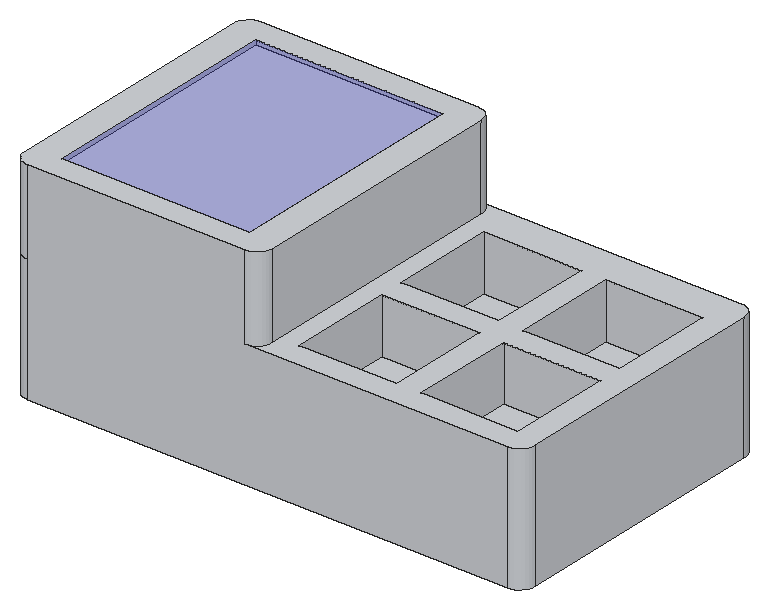
Revit family "Domotics-DomesticRanges-GEWISS-27COMBIDIN_SYSTEM-IP40_4M_8SY", category Apparecchi elettrici, host Superficie, Revit 2016 (continued)
Automatic sketch dimensions
  Filled region 10 sketch curve to Filled region 10 sketch curve = 1.667 mm
  plane 29 to Filled region 11 sketch curve = 0.893 mm
  Filled region 11 sketch curve to plane 29 = 4.107 mm
  Filled region 11 sketch curve to plane 11 = 65.592 mm
  Filled region 11 sketch curve to Filled region 11 sketch curve = 0.833 mm
  Filled region 11 sketch curve to Filled region 11 sketch curve = 1.667 mm
  Filled region 12 sketch curve to plane 24 = 6.065 mm
  Filled region 12 sketch curve to Filled region 12 sketch curve = 5 mm
  Filled region 12 sketch curve to plane 11 = 65.592 mm
  Filled region 12 sketch curve to Filled region 12 sketch curve = 0.833 mm
  Filled region 12 sketch curve to Filled region 12 sketch curve = 1.667 mm
  Filled region 13 sketch curve to plane 24 = 6.065 mm
  Filled region 13 sketch curve to Filled region 13 sketch curve = 5 mm
  Filled region 13 sketch curve to plane 11 = 49.035 mm
  Filled region 13 sketch curve to Filled region 13 sketch curve = 0.833 mm
  Filled region 13 sketch curve to Filled region 13 sketch curve = 1.667 mm
  Filled region 14 sketch curve to plane 27 = 12.935 mm
  Filled region 14 sketch curve to Filled region 14 sketch curve = 5 mm
  Filled region 14 sketch curve to plane 11 = 49.035 mm
  Filled region 14 sketch curve to Filled region 14 sketch curve = 0.833 mm
  Filled region 14 sketch curve to Filled region 14 sketch curve = 1.667 mm
  Filled region 15 sketch curve to plane 27 = 7.935 mm
  Filled region 15 sketch curve to plane 27 = 2.935 mm
  Filled region 15 sketch curve to plane 11 = 49.035 mm
  Filled region 15 sketch curve to Filled region 15 sketch curve = 0.833 mm
  Filled region 15 sketch curve to Filled region 15 sketch curve = 1.667 mm
  plane 29 to Filled region 16 sketch curve = 0.893 mm
  Filled region 16 sketch curve to plane 29 = 4.107 mm
  Filled region 16 sketch curve to plane 11 = 49.035 mm
  Filled region 16 sketch curve to Filled region 16 sketch curve = 0.833 mm
  Filled region 16 sketch curve to Filled region 16 sketch curve = 1.667 mm
  Filled region 17 sketch curve to plane 12 = 1.781 mm
  plane 29 to Filled region 17 sketch curve = 19.789 mm
  Filled region 17 sketch curve to plane 12 = 2.615 mm
  Filled region 17 sketch curve to Filled region 17 sketch curve = 5 mm
  Filled region 17 sketch curve to Filled region 17 sketch curve = 1.667 mm
  Filled region 18 sketch curve to plane 12 = 2.615 mm
  Filled region 18 sketch curve to plane 24 = 6.569 mm
  Filled region 18 sketch curve to plane 12 = 1.781 mm
  Filled region 18 sketch curve to Filled region 18 sketch curve = 5 mm
  Filled region 18 sketch curve to Filled region 18 sketch curve = 1.667 mm
  plane 19 to Filled region 19 sketch curve = 7.291 mm
  plane 29 to Filled region 19 sketch curve = 19.789 mm
  Filled region 19 sketch curve to Filled region 19 sketch curve = 5 mm
  Filled region 19 sketch curve to Filled region 19 sketch curve = 0.833 mm
  Filled region 19 sketch curve to Filled region 19 sketch curve = 1.667 mm
  Filled region 20 sketch curve to plane 27 = 13.231 mm
  Filled region 20 sketch curve to Filled region 20 sketch curve = 5 mm
  plane 19 to Filled region 20 sketch curve = 7.291 mm
  Filled region 20 sketch curve to Filled region 20 sketch curve = 0.833 mm
  Filled region 20 sketch curve to Filled region 20 sketch curve = 1.667 mm
  plane 29 to Filled region 21 sketch curve = 14.789 mm
  Filled region 21 sketch curve to Filled region 21 sketch curve = 5 mm
  plane 19 to Filled region 21 sketch curve = 7.471 mm
  Filled region 21 sketch curve to Filled region 21 sketch curve = 0.833 mm
  Filled region 21 sketch curve to Filled region 21 sketch curve = 1.667 mm
  plane 29 to Filled region 22 sketch curve = 2.189 mm
  Filled region 22 sketch curve to plane 29 = 2.811 mm
  plane 19 to Filled region 22 sketch curve = 7.471 mm
  Filled region 22 sketch curve to Filled region 22 sketch curve = 0.833 mm
  Filled region 22 sketch curve to Filled region 22 sketch curve = 1.667 mm
  Filled region 23 sketch curve to plane 11 = 42.054 mm
  Filled region 23 sketch curve to plane 10 = 147.33 mm
  Filled region 23 sketch curve to plane 11 = 42.888 mm
  Filled region 23 sketch curve to Filled region 23 sketch curve = 5 mm
  Filled region 23 sketch curve to Filled region 23 sketch curve = 1.667 mm
  Filled region 24 sketch curve to plane 11 = 42.888 mm
  Filled region 24 sketch curve to plane 10 = 106.33 mm
  Filled region 24 sketch curve to plane 11 = 42.054 mm
  Filled region 24 sketch curve to Filled region 24 sketch curve = 5 mm
  Filled region 24 sketch curve to Filled region 24 sketch curve = 1.667 mm
  Extrusion 1 sketch curve to plane 14 = 6.487 mm  (x2)
  Extrusion 1 sketch curve to plane 20 = 4.02 mm
  Extrusion 1 sketch curve to plane 18 = 4.058 mm
  Filled region 25 sketch curve to level = 0 mm
  level to Filled region 25 sketch curve = 5 mm
  plane 12 to Filled region 25 sketch curve = 34.193 mm
  Filled region 25 sketch curve to Filled region 25 sketch curve = 0.833 mm
  Filled region 25 sketch curve to Filled region 25 sketch curve = 1.667 mm
  Filled region 26 sketch curve to plane 4 "Piano Allineamento Sportellino" = 0 mm
  Filled region 26 sketch curve to plane 9 = 3 mm
  plane 12 to Filled region 26 sketch curve = 34.193 mm
  Filled region 26 sketch curve to Filled region 26 sketch curve = 0.833 mm
  Filled region 26 sketch curve to Filled region 26 sketch curve = 1.667 mm
  Filled region 27 sketch curve to plane 4 "Piano Allineamento Sportellino" = 0 mm
  Filled region 27 sketch curve to plane 9 = 3 mm
  plane 12 to Filled region 27 sketch curve = 17.636 mm
  Filled region 27 sketch curve to Filled region 27 sketch curve = 0.833 mm
  Filled region 27 sketch curve to Filled region 27 sketch curve = 1.667 mm
  Filled region 28 sketch curve to plane 8 = 0 mm
  plane 12 to Filled region 28 sketch curve = 17.636 mm
  Filled region 28 sketch curve to plane 8 = 5 mm
  Filled region 28 sketch curve to Filled region 28 sketch curve = 0.833 mm
  Filled region 28 sketch curve to Filled region 28 sketch curve = 1.667 mm
  plane 6 to Filled region 29 sketch curve = 2.934 mm
  plane 12 to Filled region 29 sketch curve = 17.636 mm
  Filled region 29 sketch curve to plane 8 = 5 mm
  Filled region 29 sketch curve to Filled region 29 sketch curve = 0.833 mm
  Filled region 29 sketch curve to Filled region 29 sketch curve = 1.667 mm
  Filled region 30 sketch curve to level = 0 mm
  level to Filled region 30 sketch curve = 5 mm
  plane 12 to Filled region 30 sketch curve = 17.636 mm
  Filled region 30 sketch curve to Filled region 30 sketch curve = 0.833 mm
  Filled region 30 sketch curve to Filled region 30 sketch curve = 1.667 mm
  Filled region 31 sketch curve to plane 7 = 8.17 mm
  Filled region 31 sketch curve to plane 11 = 29.618 mm
  Filled region 31 sketch curve to plane 7 = 13.17 mm
  Filled region 31 sketch curve to Filled region 31 sketch curve = 0.833 mm
  Filled region 31 sketch curve to Filled region 31 sketch curve = 1.667 mm
  Filled region 32 sketch curve to plane 9 = 3.504 mm
  Filled region 32 sketch curve to plane 11 = 29.618 mm
  Filled region 32 sketch curve to plane 4 "Piano Allineamento Sportellino" = 0.504 mm
  Filled region 32 sketch curve to Filled region 32 sketch curve = 0.833 mm
  Filled region 32 sketch curve to Filled region 32 sketch curve = 1.667 mm
  Filled region 33 sketch curve to plane 11 = 12.088 mm
  Filled region 33 sketch curve to Filled region 33 sketch curve = 0.833 mm
  Filled region 33 sketch curve to Filled region 33 sketch curve = 1.667 mm
  Filled region 33 sketch curve to plane 7 = 13.17 mm
  Filled region 33 sketch curve to Filled region 33 sketch curve = 5 mm
  Filled region 34 sketch curve to plane 8 = 4.704 mm
  Filled region 34 sketch curve to plane 11 = 12.088 mm
  plane 8 to Filled region 34 sketch curve = 0.296 mm
  Filled region 34 sketch curve to Filled region 34 sketch curve = 0.833 mm
  Filled region 34 sketch curve to Filled region 34 sketch curve = 1.667 mm
  plane 6 to Filled region 35 sketch curve = 1.83 mm
  Filled region 35 sketch curve to plane 11 = 11.908 mm
  Filled region 35 sketch curve to plane 11 = 11.074 mm
  Filled region 35 sketch curve to Filled region 35 sketch curve = 1.667 mm
  Filled region 35 sketch curve to plane 7 = 13.17 mm
  Filled region 36 sketch curve to plane 6 = 5.77 mm
  Filled region 36 sketch curve to plane 11 = 11.908 mm
  level to Filled region 36 sketch curve = 1.296 mm
  Filled region 36 sketch curve to plane 11 = 11.074 mm
  Filled region 36 sketch curve to Filled region 36 sketch curve = 1.667 mm
  Extrusion 2 sketch curve to plane 14 = 6.487 mm  (x2)
  Extrusion 2 sketch curve to plane 29 = 4 mm  (x2)
  Extrusion 3 sketch curve to plane 24 = 0 mm
  plane 20 to Extrusion 3 sketch curve = 0 mm
  Extrusion 3 sketch curve to plane 27 = 0 mm
  Extrusion 3 sketch curve to plane 26 = 0 mm
  plane 18 to Extrusion 6 sketch curve = 0 mm
  Extrusion 7 sketch curve to plane 26 = 0 mm
  Extrusion 7 sketch curve to plane 28 = 0 mm
  Extrusion 7 sketch curve to plane 29 = 0 mm
  plane 20 to Extrusion 7 sketch curve = 0 mm
  plane 18 to Extrusion 8 sketch curve = 5.381 mm
  Extrusion 8 sketch curve to plane 28 = 0 mm
  Extrusion 8 sketch curve to plane 25 = 0 mm
  Extrusion 8 sketch curve to plane 29 = 0 mm
  Extrusion 9 sketch curve to plane 24 = 0 mm
  Extrusion 9 sketch curve to plane 25 = 0 mm
  Extrusion 9 sketch curve to plane 27 = 0 mm
  plane 23 to Extrusion 9 sketch curve = 4.381 mm
Types (2, lengths in mm): name | URL | Produttore | Modello | Descrizione
  (no name) | 0 | 0 | 0 | 0
  GW27072 - Enclosure 4mod.DIN+(2x4)mod. System | "https://www.gewiss.com/ww/en" | "GEWISS S.p.A." | "GW27072" | "ENCLOSURE 4MOD.DIN+(2X4)MOD.SYSTEM"
